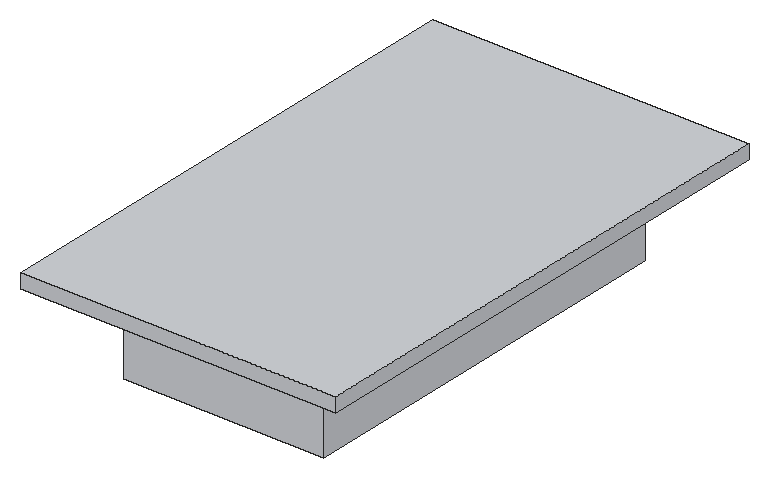
Revit family "Telephone Jack", category Data Devices, host Face, Revit 2025
Family settings
  Host = Face
  Round Connector Dimension = Use Diameter
  Part Type = Normal
  Cut with Voids When Loaded = No
  Maintain Annotation Orientation = Yes
  Shared = No
  Room Calculation Point = No
Parameters (values of type "Duplex")
  x = 0.74588"
  Width = 2 3/4"
  Wall Mounted = not(Face Mounted)  # no
  Height = 4 1/2"
  Face Mounted = yes
  er = 0.27848"
  Depth = 1/8"
  Back Depth = 3/4"
  Default Elevation = 48"
  Back Width = Width - Back Margin  # 1 3/4"
  Back Margin = 1"
  Back Height = Height - Back Margin  # 3 1/2"
Reference planes (in)
  plane 1 "Center (Front/Back)": y = 0
  plane 2: z = 0
  plane 3 "Center (Left/Right)": x = 0
  plane 4: z = 0.125
  plane 5: z = -0.75
Forms (in)
  Extrusion 1, solid, detail levels medium+fine
    sketch origin (0, 0, 0) x (1, 0, 0) y (0, 1, 0)
      loop
        line (-1.375, 2.25) -> (-1.375, -2.25) -> (1.375, -2.25) -> (1.375, 2.25) -> (-1.375, 2.25)
    from 0 to 0.125
  Extrusion 2, solid, detail levels medium+fine
    sketch origin (0, 0, 0) x (1, 0, 0) y (0, 1, 0)
      loop
        line (-0.875, 1.75) -> (-0.875, -1.75) -> (0.875, -1.75) -> (0.875, 1.75) -> (-0.875, 1.75)
    from 0 to -0.75
Dimensions and locks (in)
  equal spacing: Extrusion 1 sketch curve, plane 3 "Center (Left/Right)", Extrusion 1 sketch curve
  "Width": Extrusion 1 sketch curve to Extrusion 1 sketch curve
  "Height": Extrusion 1 sketch curve to Extrusion 1 sketch curve
  equal spacing: Extrusion 1 sketch curve, plane 1 "Center (Front/Back)", Extrusion 1 sketch curve
  "Depth": plane 4 to plane 2
  "Back Depth": plane 2 to plane 5
  equal spacing: Extrusion 2 sketch curve, plane 3 "Center (Left/Right)", Extrusion 2 sketch curve
  equal spacing: Extrusion 2 sketch curve, plane 1 "Center (Front/Back)", Extrusion 2 sketch curve
  "Back Height": Extrusion 2 sketch curve to Extrusion 2 sketch curve
  "Back Width": Extrusion 2 sketch curve to Extrusion 2 sketch curve
  aligned and locked: plane 2 to host face
  aligned and locked: level to host face
  aligned and locked: plane 4 to Extrusion 1
  aligned and locked: Extrusion 2 to plane 5
Automatic sketch dimensions
  host sketch curve to host sketch curve = 96"  (x2)
Nested families (in)
  nested 1: "Wall Mounted" at (0, 0, 0), visible <- "Face Mounted", type "Standard"
Connectors (in)
  electrical at (0, 0, 0.125)
    settings: on Extrusion 1, index 1, voltage 0 V, apparent load 0 VA, apparent load phase1 0 VA, apparent load phase2 0 VA, apparent load phase3 0 VA, power factor 1, load classification "Other", number of poles 1, system type 31, power factor state 1, is connector primary yes, connector utility no, sub classification motor no, connector description ""
Definition of nested family "Wall Mounted"
  Parameters (values of type "Standard")
    Diameter = 59/256"
    Center Height = Diameter * 1.5 * 0.6  # 0.20742"
  Reference planes (in)
    plane 1: y = 0
    plane 2: x = 0
  Lines and regions (in)
    detail lines
      curve 1: line (0, 0, 0) -> (-0.14434, 0.25, 0)
      curve 2: line (0, 0, 0) -> (0.14434, 0.25, 0)
      curve 3: line (-0.14434, 0.25, 0) -> (0.14434, 0.25, 0)
  Dimensions and locks (in)
    plane 1 to curve 3 = 1/4"
